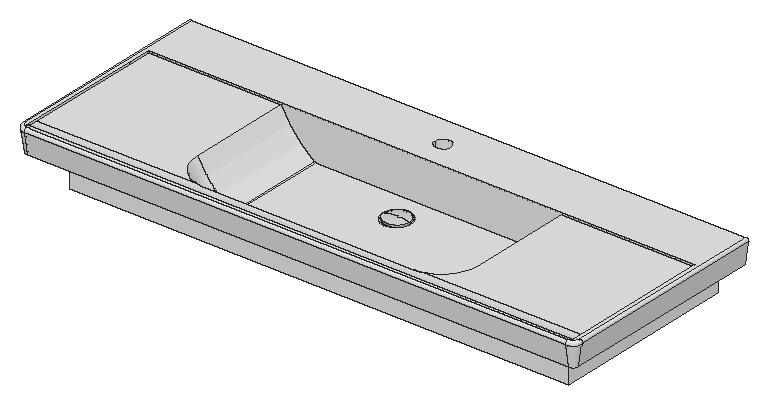
Revit family "Sink-Vanity_Top-Lavatory-KOHLER-MODERN_LIFE-K-77842T_1", category Plumbing Fixtures, host Face, Revit 2017
Family settings
  Host = Face
  Round Connector Dimension = Use Diameter
  Part Type = Normal
  OmniClass Number = 23.31.13.00
  OmniClass Title = Sinks
  Cut with Voids When Loaded = No
  Shared = No
  Room Calculation Point = No
Parameters (values of type "Single Faucet Hole,0-White")
  _8 = Type = 2  # no
  _1 = Type = 1  # yes
  Width = 48 59/256"  # constant formula
  WaterSense Certified = 1 = 0  # no
  Waste Water Outlet = "Waste Water Outlet"  # constant formula
  Waste Connection = 1 = 1  # yes
  Vent Connection = 1 = 0  # no
  URL = "https://www.kohler.com.cn/"
  Type = 1
  Product Page URL = "https://www.kohler.com.cn/product/K-77842T-1-0/K-77842T-1-0/"
  Product Name = "Modern_Life"  # constant formula
  Product Documentation Link = "https://files.kohler.com.cn/pdfs/1521532322896_K-77838T_77842T_sms.pdf"
  Model = if(Type = 1, "K-77842T-1-0", if(Type = 2, "K-77842T-8-0", "NA"))  # "K-77842T-1-0"
  Material = "Fireclay"  # constant formula
  Master Format 2014 Name = "Residential Lavatories and Sinks"  # constant formula
  Master Format 2014 = "22 41 16"  # constant formula
  Manufacturer Address = "Kohler Beijing Office (100016) 36-2-03-B, No. 88, Liuxiang Road, Beijing"  # constant formula
  Manufacturer = "KOHLER Co."  # constant formula
  Length = 18 179/256"  # constant formula
  Hot Water Inlet = "Hot Water Inlet"  # constant formula
  Height = 7 73/256"  # constant formula
  HW Connection = 1 = 0  # no
  Finish = KOHLER-Fireclay-0-White
  Environmental Product Declaration = ""
  Drain Included = 1 = 0  # no
  Dist 1 = if(_1, 0", 8 1/32")  # 0"
  Description = "Minglai 1200mm Integrated Basin"  # constant formula
  Default Elevation = 36"
  Declare Label = ""
  Date Modified = "06/30/2021"  # constant formula
  Date Created = "06/30/2021"  # constant formula
  Copyright = "Copyright KOHLER Co."  # constant formula
  Contact Us = "http://www.kohler.com.cn/contact/contact-us/"
  Cold Water Inlet = "Cold Water Inlet"  # constant formula
  CW Connection = 1 = 0  # no
  Assembly Code = "D2010400"
  ADA Compliant = 1 = 0  # no
Types (3): name | _8 | _1 | Type | Product Page URL | Model | Dist 1
  (no name) | no | yes | 1 | "https://www.kohler.com.cn/product/K-77842T-1-0/K-77842T-1-0/" | "K-77842T-1-0" | 0"
  Single Faucet Hole,0-White | no | yes | 1 | "https://www.kohler.com.cn/product/K-77842T-1-0/K-77842T-1-0/" | "K-77842T-1-0" | 0"
  8 inch Faucet Hole,0-White | yes | no | 2 | "https://www.kohler.com.cn/product/K-77842T-8-0/K-77842T-8-0/" | "K-77842T-8-0" | 8 1/32"
Reference planes (in)
  plane 1 "Center (Front/Back)": y = 0
  plane 2: z = 0
  plane 3 "Center (Left/Right)": x = 0
  plane 4: y = 9.04074
  plane 5: y = -9.65848
  plane 6: x = 24.11535
  plane 7: x = -24.11512
  plane 8: y = 6.28483
  plane 9: z = 2.127
  plane 10: z = -5.15815
  plane 11: y = 1.3242
  plane 12: x = 0
  plane 13: x = 0
  plane 14: z = 0
  plane 15: y = 3.96712
  plane 16: z = -2.99535
Forms (in)
  Extrusion 1, void
    sketch origin (0, 0, 0) x (1, 0, 0) y (0, 1, 0)
      loop
        line (21.53473, 9.04074) -> (-21.53473, 9.04074) -> (-21.53473, -8.66624) -> (21.53473, -8.66624) -> (21.53473, 9.04074)
    from -5.15814 to 0
Dimensions and locks (in)
  plane 4 to plane 8 = 2.75591"
  plane 11 to plane 8 = 4.96063"
  equal spacing: plane 12, plane 3 "Center (Left/Right)", plane 13
  "Dist 1": plane 12 to plane 13
  "Height": plane 9 to plane 10
  plane 9 to plane 2 = 2.127"
  "Width": plane 7 to plane 6
  "Length": plane 4 to plane 5
  aligned and locked: plane 2 to host face
  aligned and locked: level to host face
Automatic sketch dimensions
  host sketch curve to host sketch curve = 96"  (x2)
  Extrusion 1 sketch curve to plane 4 = 0"
  plane 7 to Extrusion 1 sketch curve = 2.58038"
  plane 6 to Extrusion 1 sketch curve = 2.58062"
  plane 5 to Extrusion 1 sketch curve = 0.99224"
Nested families (in)
  nested 1: "K-77842T" at (0, 0, -2.99533), type "K-77842T"
Connectors (in)
  piping at (0, 1.3242, -5.15814), diameter 1.77165, driven by "Waste Connection", driven by "Waste Water Outlet"
    settings: on nested 1, index 1, connector inside diameter 24", connector length 0", flow factor 0, pipe flow 0 GPM, pressure drop 0.00 psi, fitting loss kfactor 0, connector angle 0.00°, fixture units 0, engagement length 0", angle of deflection 0.00°, flow configuration 0, flow direction 1, fitting loss method 0, system type 16, joint type 0, gender type 0, connector reference index -1, connector utility 1, adjustable connector no, is connector primary yes, connector description "Waste Water Outlet"
Definition of nested family "K-77842T"
  Parameters (values of type "K-77842T")
    _8 = yes
    _1 = no
    Material = none
    Dist = if(_1, 51.1811", 8.0315")  # 8.0315"
  Reference planes (in)
    plane 1 "Center (Front/Back)": y = 0
    plane 2: z = 0
    plane 3 "Center (Left/Right)": x = 0
    plane 4: x = -24.11535
    plane 5: x = 24.11535
    plane 6: y = -9.66005
    plane 7: y = 3.96712
    plane 8: y = 9.04074
    plane 9: y = 6.28483
    plane 10 "A": y = 1.3242
    plane 11: z = 2.99533
    plane 12: z = 5.12233
    plane 13: z = -2.1628
    plane 14: x = -4.01575
    plane 15: x = 4.01575
  Forms (in)
    Sweep 1, solid, material <- "Material", detail levels medium+fine
      path origin (0, 0, 0) x (1, 0, 0) y (0, 1, 0)
        loop
          line (24.12872, 9.04074) -> (24.12872, -8.84967)
          arc (24.12872, -8.84967) -> (23.8981, -9.40645) -> (23.34132, -9.63708) r 0.7874
          line (23.34132, -9.63708) -> (-23.34132, -9.63708)
          arc (-23.34132, -9.63708) -> (-23.8981, -9.40645) -> (-24.12872, -8.84967) r 0.7874
          line (-24.12872, -8.84967) -> (-24.12872, 9.04074)
      profile origin (0, -9.63708, 0) x (0, -1, 0) y (0, 0, 1)
        loop
          line (-0.33083, 2.99533) -> (-0.00752, 4.82892)
          arc (-0.00752, 4.82892) -> (-0.06221, 5.03303) -> (-0.25372, 5.12233) r 0.25
          line (-0.25372, 5.12233) -> (-0.57703, 5.12233) -> (-0.57703, 2.99533) -> (-0.33083, 2.99533)
    Sweep 2, solid, material <- "Material", detail levels medium+fine
      path origin (0, 0, 0) x (1, 0, 0) y (0, 1, 0)
        loop
          line (-12.10955, 3.96712) -> (-12.10955, -5.02909)
          arc (-12.10955, -5.02909) -> (-11.18705, -7.2562) -> (-8.95994, -8.1787) r 3.14961
          line (-8.95994, -8.1787) -> (8.95994, -8.1787)
          arc (8.95994, -8.1787) -> (11.18705, -7.2562) -> (12.10955, -5.02909) r 3.14961
          line (12.10955, -5.02909) -> (12.10955, 3.96712)
      profile origin (0, -8.1787, 0) x (0, 1, 0) y (0, 0, 1)
        loop
          arc (2.84282, 1.5831) -> (1.15911, 3.16605) -> (-0.07115, 5.12233) r 9.09267
          line (-0.07115, 5.12233) -> (-0.43854, 5.12233) -> (-0.43854, 4.38589)
          arc (-0.43854, 4.38589) -> (-0.02285, 4.04635) -> (0.31945, 3.63293) r 2.76657
          arc (0.31945, 3.63293) -> (1.32565, 2.38601) -> (2.52736, 1.32621) r 9.48637
          arc (2.52736, 1.32621) -> (2.67584, 1.24917) -> (2.84099, 1.22259) r 0.52646
          line (2.84099, 1.22259) -> (3.09484, 1.22259) -> (3.09484, 1.54111) -> (2.97229, 1.54111)
          arc (2.97229, 1.54111) -> (2.90423, 1.55187) -> (2.84282, 1.5831) r 0.22062
    Extrusion 3, solid, material <- "Material", detail levels medium+fine
      sketch origin (0, 0, 0) x (1, 0, 0) y (0, 0, 1)
        loop
          line (23.79789, 2.99533) -> (24.1212, 4.82892)
          arc (24.1212, 4.82892) -> (24.06651, 5.03303) -> (23.875, 5.12233) r 0.25
          line (23.875, 5.12233) -> (-23.875, 5.12233)
          arc (-23.875, 5.12233) -> (-24.06651, 5.03303) -> (-24.1212, 4.82892) r 0.25
          line (-24.1212, 4.82892) -> (-23.79789, 2.99533) -> (23.79789, 2.99533)
      from -9.04074 to -8.92263
    Extrusion 4, solid, material <- "Material", detail levels medium+fine
      sketch origin (0, 0, 0) x (1, 0, 0) y (0, 1, 0)
        loop
          line (23.55169, 9.04074) -> (-23.55169, 9.04074) -> (-23.55169, -8.84967)
          arc (-23.55169, -8.84967) -> (-23.49007, -8.99843) -> (-23.34132, -9.06004) r 0.21037
          line (-23.34132, -9.06004) -> (23.34132, -9.06004)
          arc (23.34132, -9.06004) -> (23.49007, -8.99843) -> (23.55169, -8.84967) r 0.21037
          line (23.55169, -8.84967) -> (23.55169, 9.04074)
        loop
          line (-12.54809, 4.2875) -> (-12.54809, -5.02909)
          arc (-12.54809, -5.02909) -> (-11.49714, -7.56629) -> (-8.95994, -8.61724) r 3.58815
          line (-8.95994, -8.61724) -> (8.95994, -8.61724)
          arc (8.95994, -8.61724) -> (11.49714, -7.56629) -> (12.54809, -5.02909) r 3.58815
          line (12.54809, -5.02909) -> (12.54809, 4.2875) -> (-12.54809, 4.2875)
      from 4.38589 to 5.12233
    Extrusion 5, solid, material <- "Material", detail levels medium+fine
      sketch origin (0, 0, 0) x (1, 0, 0) y (0, 1, 0)
        loop
          line (-9.01471, -5.08386) -> (9.01471, -5.08386) -> (9.01471, 4.2875) -> (-9.01471, 4.2875) -> (-9.01471, -5.08386)
      from 1.22259 to 1.54111
    Extrusion 6, void
      sketch origin (0, 0, 0.27682) x (0, 1, 0) y (0, 0, 1)
        loop
          line (3.96712, 4.69505) -> (3.96712, 5.46682) -> (-10.49545, 5.46682)
          arc (-10.49545, 5.46682) -> (-9.32382, 4.89252) -> (-8.03403, 4.69505) r 4.311
          line (-8.03403, 4.69505) -> (3.96712, 4.69505)
      from -23.55169 to 23.55169
    Extrusion 7, solid, material <- "Material", detail levels medium+fine
      sketch origin (0, 0, 0) x (1, 0, 0) y (0, 1, 0)
        loop
          line (21.53473, -7.04124) -> (21.53473, 9.04074) -> (-21.53473, 9.04074) -> (-21.53473, -7.04124) -> (21.53473, -7.04124)
        loop
          line (-20.31051, 8.30741) -> (-20.31051, -5.81701) -> (-11.36325, -5.81701) -> (-11.36325, 8.30741) -> (-20.31051, 8.30741)
        loop
          line (10.2903, -5.81701) -> (10.2903, 8.30741) -> (-10.2903, 8.30741) -> (-10.2903, -5.81701) -> (10.2903, -5.81701)
        loop
          line (11.36325, -5.81701) -> (20.31051, -5.81701) -> (20.31051, 8.30741) -> (11.36325, 8.30741) -> (11.36325, -5.81701)
      from 0 to 3.93701
    Extrusion 8, void
      sketch origin (0, 0, 0) x (0, 1, 0) y (0, 0, 1)
        loop
          line (-5.68173, 1.65783) -> (4.07776, 1.65783) -> (4.07776, 3.94931) -> (-7.16445, 3.94931) -> (-7.16445, 3.14055) -> (-5.68173, 1.65783)
      from -11.47319 to 11.60535
    Revolve 9, solid
      sketch origin (0, 1.3242, -0.02461) x (-1, 0, 0) y (0, 0, 1)
        loop
          line (0, 1.12558) -> (0.59055, 1.12558) -> (0.59055, 1.59001) -> (1.08141, 1.59001)
          arc (1.08141, 1.59001) -> (1.12791, 1.63058) -> (1.09403, 1.68215) r 0.04693
          arc (1.09403, 1.68215) -> (0.55212, 1.79437) -> (0, 1.832) r 4.06853
          line (0, 1.832) -> (0, 1.12558)
        axis (0, 1.832) -> (0, 1.12558)
      angle from 0 to 360
    Extrusion 10, solid, material <- "Material", detail levels medium+fine
      sketch origin (0, 0, 0) x (1, 0, 0) y (0, 0, 1)
        loop
          arc (9.58218, 1.32621) -> (10.78389, 2.38601) -> (11.7901, 3.63293) r 9.48637
          arc (11.7901, 3.63293) -> (12.1324, 4.04635) -> (12.54809, 4.38589) r 2.76657
          line (12.54809, 4.38589) -> (12.54809, 5.12233) -> (-12.54809, 5.12233) -> (-12.54809, 4.38589)
          arc (-12.54809, 4.38589) -> (-12.1324, 4.04635) -> (-11.7901, 3.63293) r 2.76657
          arc (-11.7901, 3.63293) -> (-10.78389, 2.38601) -> (-9.58218, 1.32621) r 9.48637
          arc (-9.58218, 1.32621) -> (-9.4337, 1.24917) -> (-9.26855, 1.22259) r 0.52646
          line (-9.26855, 1.22259) -> (9.26855, 1.22259)
          arc (9.26855, 1.22259) -> (9.4337, 1.24917) -> (9.58218, 1.32621) r 0.52646
      from -4.2875 to -3.96712
    Revolve 11, void
      sketch origin (0, 1.3242, 0) x (-1, 0, 0) y (0, 0, 1)
        loop
          line (0, 0.73188) -> (0, 1.54111) -> (-1.23138, 1.54111)
          arc (-1.23138, 1.54111) -> (-0.77825, 1.35342) -> (-0.59055, 0.90028) r 0.64083
          line (-0.59055, 0.90028) -> (-0.59055, 0.73188) -> (0, 0.73188)
        axis (0, 1.54111) -> (0, 0.73188)
      angle from 0 to 360
    Revolve 12, solid, material <- "Material", detail levels medium+fine
      sketch origin (0, 1.3242, 0) x (-1, 0, 0) y (0, 0, 1)
        loop
          line (0, -1.62147) -> (0.71528, -1.62147) -> (0.71528, -2.1628) -> (1.37795, -2.1628) -> (1.37795, -1.81832)
          arc (1.37795, -1.81832) -> (1.44491, -0.79364) -> (1.64465, 0.21362) r 7.87402
          line (1.64465, 0.21362) -> (1.91415, 1.22259) -> (0, 1.22259) -> (0, -1.62147)
        axis (0, 1.22259) -> (0, -2.1628)
      angle from 0 to 360
    Extrusion 13, void
      sketch origin (0, 0, 0) x (1, 0, 0) y (0, 1, 0)
        loop
          circle (0, 6.28483) r 0.68898
      from 2.42804 to 6.2053
    Extrusion 14, void
      sketch origin (0, 0, 0) x (1, 0, 0) y (0, 1, 0)
        loop
          circle (-4.01575, 6.28483) r 0.68898
        loop
          circle (4.01575, 6.28483) r 0.68898
      from 2.55671 to 6.28361
    Extrusion 15, solid, material <- "Material", detail levels coarse
      sketch origin (0, 0, 0) x (1, 0, 0) y (0, 1, 0)
        loop
          line (24.11535, 9.04074) -> (-24.11535, 9.04074) -> (-24.11535, -9.66005) -> (24.11535, -9.66005) -> (24.11535, 9.04074)
        loop
          line (12.09427, -8.16439) -> (12.09427, 3.96712) -> (-12.09427, 3.96712) -> (-12.09427, -8.16439) -> (12.09427, -8.16439)
      from 2.99533 to 5.12233
    Extrusion 16, solid, material <- "Material", detail levels coarse
      sketch origin (0, 0, 0) x (1, 0, 0) y (0, 1, 0)
        loop
          line (-12.09427, 3.96712) -> (-12.09427, -8.16439) -> (12.09427, -8.16439) -> (12.09427, 3.96712) -> (-12.09427, 3.96712)
        loop
          line (-17.99979, -8.55809) -> (17.99979, -8.55809) -> (17.99979, 7.51043) -> (-17.99979, 7.51043) -> (-17.99979, -8.55809)
      from 0 to 2.99533
    Revolve 17, solid, material <- "Material", detail levels coarse
      sketch origin (0, 1.3242, 0) x (-1, 0, 0) y (0, 0, 1)
        loop
          line (0, -2.1628) -> (1.37795, -2.1628) -> (1.37795, 0) -> (0, 0) -> (0, -2.1628)
        axis (0, -2.1628) -> (0, 0)
      angle from 0 to 360
    Extrusion 18, solid, material <- "Material", detail levels coarse
      sketch origin (0, 0, 0) x (1, 0, 0) y (0, 1, 0)
        loop
          line (12.09427, 3.96712) -> (-12.09427, 3.96712) -> (-12.09427, -8.16439) -> (12.09427, -8.16439) -> (12.09427, 3.96712)
      from 0 to 0.3937
  Cuts and joins
    Extrusion 6, Revolve 11, Extrusion 13, Extrusion 14 cuts Sweep 1
    Extrusion 6, Revolve 11, Extrusion 13, Extrusion 14 cuts Sweep 2
    Extrusion 6, Revolve 11, Extrusion 13, Extrusion 14 cuts Extrusion 3
    Extrusion 6, Revolve 11, Extrusion 13, Extrusion 14 cuts Extrusion 4
    Extrusion 6, Revolve 11, Extrusion 13, Extrusion 14 cuts Extrusion 5
    Revolve 11, Extrusion 13, Extrusion 14 cuts Extrusion 10
    joined: Sweep 1, Sweep 2, Extrusion 3, Extrusion 4, Extrusion 5, Extrusion 10
    Extrusion 8 cuts Extrusion 7
    joined: Extrusion 7, Revolve 12
    Extrusion 13, Extrusion 14 cuts Extrusion 15
    joined: Extrusion 15, Extrusion 16, Revolve 17, Extrusion 18
  Lines and regions (in)
    Masking region 1
      outline origin (0, 0, 0) x (1, 0, 0) y (0, 1, 0)
        loop
          line (-24.11535, 9.04074) -> (-24.11535, -8.84787)
          arc (-24.11535, -8.84787) -> (-23.87747, -9.42217) -> (-23.30317, -9.66005) r 0.81218
          line (-23.30317, -9.66005) -> (23.32795, -9.66005)
          arc (23.32795, -9.66005) -> (23.88473, -9.42942) -> (24.11535, -8.87265) r 0.7874
          line (24.11535, -8.87265) -> (24.11535, 9.04074) -> (-24.11535, 9.04074)
    Masking region 2
      outline origin (0, 1.3242, 0) x (-1, 0, 0) y (0, 0, 1)
        loop
          line (-21.53473, 0) -> (-1.59904, 0)
          arc (-1.59904, 0) -> (-1.4335, -0.77839) -> (-1.37795, -1.57225) r 5.701
          line (-1.37795, -1.57225) -> (-1.37795, -2.1628) -> (1.37795, -2.1628) -> (1.37795, -1.57225)
          arc (1.37795, -1.57225) -> (1.4335, -0.77839) -> (1.59904, 0) r 5.701
          line (1.59904, 0) -> (21.53473, 0) -> (21.53473, 2.99533) -> (23.79789, 2.99533) -> (24.1212, 4.82892)
          arc (24.1212, 4.82892) -> (24.06651, 5.03303) -> (23.875, 5.12233) r 0.25
          line (23.875, 5.12233) -> (-23.875, 5.12233)
          arc (-23.875, 5.12233) -> (-24.06651, 5.03303) -> (-24.1212, 4.82892) r 0.25
          line (-24.1212, 4.82892) -> (-23.79789, 2.99533) -> (-21.53473, 2.99533) -> (-21.53473, 0)
    Masking region 3
      outline origin (0, 0, 0) x (0, 1, 0) y (0, 0, 1)
        loop
          line (9.04074, 5.12233) -> (-9.27336, 5.12233)
          arc (-9.27336, 5.12233) -> (-9.54409, 5.04643) -> (-9.63055, 4.77889) r 0.29736
          line (-9.63055, 4.77889) -> (-9.30624, 2.99533) -> (-7.04124, 2.99533) -> (-7.04124, 0) -> (-0.29164, 0)
          arc (-0.29164, 0) -> (-0.11356, -0.77718) -> (-0.05375, -1.57225) r 5.31457
          line (-0.05375, -1.57225) -> (-0.05375, -2.1628) -> (2.70216, -2.1628) -> (2.70216, -1.57225)
          arc (2.70216, -1.57225) -> (2.76197, -0.77718) -> (2.94005, 0) r 5.31457
          line (2.94005, 0) -> (9.04074, 0) -> (9.04074, 5.12233)
    symbolic lines, detail levels medium+fine
      curve 1: line (23.50171, -9.27093, 0) -> (-23.68418, -9.27093, 0)
      curve 3: line (23.89542, -8.87723, 0) -> (23.89542, 3.96712, 0)
      curve 4: arc (23.50171, -9.27093, 0) -> (23.7801, -9.15562, 0) -> (23.89542, -8.87723, 0) r 0.3937
      curve 5: line (-23.89542, -8.87723, 0) -> (-23.89542, 3.96712, 0)
      curve 6: arc (-23.50171, -9.27093, 0) -> (-23.7801, -9.15562, 0) -> (-23.89542, -8.87723, 0) r 0.3937
      curve 12: line (-21.53473, 1.3242, 2.99533) -> (21.53473, 1.3242, 2.99533)
      curve 13: line (-1.59904, 1.3242, 0) -> (1.59904, 1.3242, 0)
      curve 14: line (0, -7.04124, 2.99533) -> (0, 9.04074, 2.99533)
      curve 15: line (0, 2.94005, 0) -> (0, -0.29164, 0)
      curve 16: circle (0, 1.3242, 0) r 0.6818 normal (0, 0, 1)
      curve 25: line (-8.94467, 3.96712, 0) -> (-23.89542, 3.96712, 0)
      curve 26: line (8.94467, 3.96712, 0) -> (23.89542, 3.96712, 0)
    symbolic lines
      curve 2: line (8.94467, 3.96712, 0) -> (-8.94467, 3.96712, 0)
      curve 7: circle (0, 6.28483, 0) r 0.68898 normal (0, 0, 1)
      curve 17: circle (0, 1.3242, 0) r 1.1811 normal (0, 0, 1)
      curve 18: line (-8.94467, -8.16439, 0) -> (8.94467, -8.16439, 0)
      curve 19: line (12.09427, -5.01478, 0) -> (12.09427, 0.81752, 0)
      curve 20: line (-12.09427, -5.01478, 0) -> (-12.09427, 0.81752, 0)
      curve 21: arc (-12.09427, -5.01478, 0) -> (-11.17178, -7.24189, 0) -> (-8.94467, -8.16439, 0) r 3.14961
      curve 22: arc (8.94467, -8.16439, 0) -> (11.17178, -7.24189, 0) -> (12.09427, -5.01478, 0) r 3.14961
      curve 23: arc (-12.09427, 0.81752, 0) -> (-11.17178, 3.04463, 0) -> (-8.94467, 3.96712, 0) r 3.14961
      curve 24: arc (8.94467, 3.96712, 0) -> (11.17178, 3.04463, 0) -> (12.09427, 0.81752, 0) r 3.14961
    symbolic lines, visible <- "_8"
      curve 8: arc (3.32677, 6.28483, 0) -> (4.01575, 5.59586, 0) -> (4.70472, 6.28483, 0) r 0.68898
      curve 9: arc (4.70472, 6.28483, 0) -> (4.01575, 6.97381, 0) -> (3.32677, 6.28483, 0) r 0.68898
      curve 10: arc (-4.70472, 6.28483, 0) -> (-4.01575, 5.59586, 0) -> (-3.32677, 6.28483, 0) r 0.68898
      curve 11: arc (-3.32677, 6.28483, 0) -> (-4.01575, 6.97381, 0) -> (-4.70472, 6.28483, 0) r 0.68898
  Dimensions and locks (in)
    plane 4 to plane 5 = 48.2307"
    plane 6 to plane 8 = 18.70079"
    plane 9 to plane 8 = 2.75591"
    plane 10 "A" to plane 9 = 4.96063"
    cut or joined group 1 (Sweep 1, Sweep 2, Extrusion 3, Extrusion 4, Extrusion 5, Extrusion 6, Extrusion 10, Revolve 11, Extrusion 13, Extrusion 14) to Revolve 12 sketch curve = 7 73/256"
    plane 7 to plane 8 = 5.07362"
    plane 12 to plane 11 = 2.127"
    equal spacing: plane 14, plane 3 "Center (Left/Right)", plane 15
    "Dist": plane 14 to plane 15
    aligned and locked: plane 2 to level
    aligned and locked: plane 14 to Extrusion 14 sketch curve
    aligned and locked: plane 15 to Extrusion 14 sketch curve
    aligned and locked: curve 8 to cut or joined group 1
    aligned and locked: curve 9 to cut or joined group 1
    aligned and locked: curve 10 to cut or joined group 1
    aligned and locked: curve 11 to cut or joined group 1
  Automatic sketch dimensions
    plane 8 to Sweep 1 sketch curve = 0"  (x2)
    plane 4 to Sweep 1 sketch curve = 0.01337"
    Sweep 1 sketch curve to plane 6 = 0.02297"
    Sweep 1 sketch curve to plane 4 = 0.77403"
    Sweep 1 sketch curve to plane 5 = 0.77403"
    plane 5 to Sweep 1 sketch curve = 0.01337"
    profile plane to Sweep 1 sketch curve = 0.57703"
    Sweep 1 sketch curve to Sweep 1 sketch curve = 0.2462"
    profile plane to Sweep 1 sketch curve = 0.25372"
    profile plane to Sweep 1 sketch curve = 0.00752"
    level to Sweep 1 sketch curve = 2.99533"
    Sweep 1 sketch curve to Sweep 1 sketch curve = 1.83359"
    Sweep 1 sketch curve to Sweep 1 sketch curve = 0.04341"
    plane 7 to Sweep 2 sketch curve = 0"  (x2)
    Sweep 2 sketch curve to plane 4 = 12.00581"
    Sweep 2 sketch curve to plane 6 = 1.48135"
    Sweep 2 sketch curve to Sweep 2 sketch curve = 3.14961"  (x2)
    plane 3 "Center (Left/Right)" to Sweep 2 sketch curve = 8.95994"
    Sweep 2 sketch curve to Sweep 2 sketch curve = 0"  (x3)
    profile plane to Sweep 2 sketch curve = 1.97259"
    profile plane to Sweep 2 sketch curve = 0.43854"
    profile plane to Sweep 2 sketch curve = 0.07115"
    Sweep 2 sketch curve to profile plane = 2.84099"
    Sweep 2 sketch curve to Sweep 2 sketch curve = 0.1313"
    Sweep 2 sketch curve to Sweep 2 sketch curve = 0.12255"
    Sweep 2 sketch curve to profile plane = 8.1787"
    level to Sweep 2 sketch curve = 1.22259"
    Sweep 2 sketch curve to Sweep 2 sketch curve = 0.31852"
    Sweep 2 sketch curve to Sweep 2 sketch curve = 0.20794"
    Sweep 2 sketch curve to Sweep 2 sketch curve = 0.01268"
    level to Sweep 2 sketch curve = 2.08359"
    Sweep 2 sketch curve to Sweep 2 sketch curve = 2.3023"
    Sweep 2 sketch curve to Sweep 2 sketch curve = 0.73644"
    Sweep 2 sketch curve to Sweep 2 sketch curve = 7.18376"
    Extrusion 3 sketch curve to plane 12 = 0"
    Extrusion 3 sketch curve to plane 11 = 0"
    plane 4 to Extrusion 3 sketch curve = 0.00585"
    Extrusion 3 sketch curve to plane 4 = 0.24035"
    Extrusion 3 sketch curve to plane 4 = 0.31746"
    Extrusion 3 sketch curve to plane 5 = 0.31746"
    Extrusion 3 sketch curve to plane 5 = 0.24035"
    plane 5 to Extrusion 3 sketch curve = 0.00585"
    Extrusion 3 sketch curve to plane 12 = 0.29341"  (x2)
    plane 8 to Extrusion 4 sketch curve = 0"
    Extrusion 4 sketch curve to plane 4 = 0.56366"
    Extrusion 4 sketch curve to Extrusion 4 sketch curve = 0.21037"
    Extrusion 4 sketch curve to plane 6 = 4.63096"
    Extrusion 4 sketch curve to Extrusion 4 sketch curve = 10.79323"
    Extrusion 4 sketch curve to Extrusion 4 sketch curve = 3.58815"  (x2)
    plane 3 "Center (Left/Right)" to Extrusion 4 sketch curve = 8.95994"
    Extrusion 4 sketch curve to plane 7 = 0.32038"
    Extrusion 4 sketch curve to plane 5 = 0.77403"
    Extrusion 4 sketch curve to plane 5 = 0.56366"
    Extrusion 4 sketch curve to plane 6 = 0.81037"
    Extrusion 5 sketch curve to plane 7 = 0.32038"
    Extrusion 5 sketch curve to plane 3 "Center (Left/Right)" = 9.01471"
    plane 3 "Center (Left/Right)" to Extrusion 5 sketch curve = 9.01471"
    Extrusion 5 sketch curve to plane 6 = 4.57619"
    Extrusion 6 sketch curve to plane 7 = 0"
    Extrusion 6 sketch curve to plane 12 = 0.15046"
    Extrusion 6 sketch curve to plane 6 = 1.62601"
    plane 12 to Extrusion 6 sketch curve = 0.62131"
    plane 6 to Extrusion 6 sketch curve = 0.8354"
    plane 8 to Extrusion 7 sketch curve = 0"
    Extrusion 7 sketch curve to plane 4 = 2.58062"
    Extrusion 7 sketch curve to Extrusion 7 sketch curve = 1.22423"  (x3)
    plane 8 to Extrusion 7 sketch curve = 0.73333"  (x3)
    Extrusion 7 sketch curve to Extrusion 7 sketch curve = 8.94726"
    Extrusion 7 sketch curve to Extrusion 7 sketch curve = 1.07295"  (x2)
    plane 3 "Center (Left/Right)" to Extrusion 7 sketch curve = 10.2903"
    Extrusion 7 sketch curve to plane 5 = 3.80484"
    Extrusion 7 sketch curve to plane 6 = 3.84303"  (x2)
    Extrusion 7 sketch curve to Extrusion 7 sketch curve = 0"
    plane 11 to Extrusion 8 sketch curve = 0.14521"
    Extrusion 8 sketch curve to plane 6 = 2.49559"
    Extrusion 8 sketch curve to Extrusion 8 sketch curve = 1.48272"
    Extrusion 8 sketch curve to plane 7 = 0.11064"
    Extrusion 8 sketch curve to plane 11 = 1.3375"
    Extrusion 8 sketch curve to Extrusion 8 sketch curve = 0.80876"
    Revolve 9 sketch curve to plane 3 "Center (Left/Right)" = 0"  (x2)
    Revolve 9 sketch curve to plane 3 "Center (Left/Right)" = 0.59055"
    Revolve 9 sketch curve to Revolve 9 sketch curve = 0.49086"
    Revolve 9 sketch curve to plane 13 = 0.09833"
    level to Revolve 9 sketch curve = 1.10098"
    Revolve 9 sketch curve to Revolve 9 sketch curve = 0.46443"
    Revolve 9 sketch curve to Revolve 9 sketch curve = 0.04693"
    Revolve 9 sketch curve to Revolve 9 sketch curve = 0.24199"
    Revolve 9 sketch curve to Revolve 9 sketch curve = 0.12232"
    Revolve 9 sketch curve to Revolve 9 sketch curve = 0"
    Extrusion 10 sketch curve to plane 12 = 0"
    Extrusion 10 sketch curve to plane 11 = 0.91174"  (x2)
    Extrusion 10 sketch curve to plane 4 = 10.03321"
    Extrusion 10 sketch curve to Extrusion 10 sketch curve = 1.53405"  (x2)
    Extrusion 10 sketch curve to plane 11 = 1.24627"  (x2)
    Extrusion 10 sketch curve to Extrusion 10 sketch curve = 3.27954"  (x2)
    Extrusion 10 sketch curve to plane 3 "Center (Left/Right)" = 3.93085"
    plane 3 "Center (Left/Right)" to Extrusion 10 sketch curve = 3.93085"
    Extrusion 10 sketch curve to Extrusion 10 sketch curve = 5.3377"
    Extrusion 10 sketch curve to Extrusion 10 sketch curve = 0.52646"
    Extrusion 10 sketch curve to Extrusion 10 sketch curve = 0.73644"
    Extrusion 10 sketch curve to plane 12 = 0.73644"
    plane 12 to Extrusion 10 sketch curve = 3.82317"  (x2)
    Extrusion 10 sketch curve to Extrusion 10 sketch curve = 0"  (x2)
    Revolve 11 sketch curve to plane 3 "Center (Left/Right)" = 0"  (x2)
    plane 3 "Center (Left/Right)" to Revolve 11 sketch curve = 0.59055"
    Revolve 11 sketch curve to Revolve 11 sketch curve = 0.64083"
    level to Revolve 11 sketch curve = 0.73188"
    Revolve 11 sketch curve to Revolve 11 sketch curve = 0.1684"
    Revolve 11 sketch curve to Revolve 11 sketch curve = 0"
    Revolve 11 sketch curve to Revolve 11 sketch curve = 0.28591"
    Revolve 12 sketch curve to plane 3 "Center (Left/Right)" = 0"  (x2)
    Revolve 12 sketch curve to plane 13 = 0"
    Revolve 12 sketch curve to Revolve 12 sketch curve = 0.71528"
    Revolve 12 sketch curve to Revolve 12 sketch curve = 0.66267"
    level to Revolve 12 sketch curve = 0.21362"
    Revolve 12 sketch curve to plane 3 "Center (Left/Right)" = 1.64465"
    Revolve 12 sketch curve to Revolve 12 sketch curve = 0.2695"
    plane 13 to Revolve 12 sketch curve = 0.34448"
    Revolve 12 sketch curve to Revolve 12 sketch curve = 0.54134"
    level to Revolve 12 sketch curve = 1.22259"
    Revolve 12 sketch curve to plane 13 = 0.59055"
    Extrusion 13 sketch curve to plane 3 "Center (Left/Right)" = 0"
    Extrusion 13 sketch curve to plane 9 = 0"
    Masking region 1 sketch curve to plane 4 = 0"
    plane 6 to Masking region 1 sketch curve = 0"
    Masking region 1 sketch curve to plane 5 = 0"
    plane 8 to Masking region 1 sketch curve = 0"
    Masking region 1 sketch curve to Masking region 1 sketch curve = 0.81218"
    Masking region 1 sketch curve to Masking region 1 sketch curve = 0.7874"
    Masking region 2 sketch curve to plane 12 = 0"
    Masking region 2 sketch curve to plane 13 = 0"
    plane 5 to Masking region 2 sketch curve = 0.00585"
    Masking region 2 sketch curve to plane 5 = 0.24035"
    Masking region 2 sketch curve to plane 5 = 0.31746"
    Masking region 2 sketch curve to plane 5 = 2.58062"
    plane 13 to Masking region 2 sketch curve = 0.59055"  (x2)
    plane 3 "Center (Left/Right)" to Masking region 2 sketch curve = 1.37795"
    Masking region 2 sketch curve to plane 3 "Center (Left/Right)" = 1.37795"
    Masking region 2 sketch curve to Masking region 2 sketch curve = 5.701"
    Masking region 2 sketch curve to plane 4 = 2.58062"
    Masking region 2 sketch curve to plane 4 = 0.31746"
    Masking region 2 sketch curve to plane 4 = 0.24035"
    plane 4 to Masking region 2 sketch curve = 0.00585"
    Masking region 2 sketch curve to plane 12 = 0.29341"  (x2)
    plane 11 to Masking region 2 sketch curve = 0"
    plane 3 "Center (Left/Right)" to Masking region 2 sketch curve = 1.59904"
    Masking region 2 sketch curve to level = 0"  (x2)
    Masking region 2 sketch curve to plane 11 = 0"
    curve 12 to plane 11 = 0"
    curve 13 to level = 0"
    curve 12 to plane 5 = 2.58062"
    plane 3 "Center (Left/Right)" to curve 13 = 1.59904"
    curve 13 to plane 3 "Center (Left/Right)" = 1.59904"
    curve 12 to plane 4 = 2.58062"
    plane 11 to curve 14 = 0"
    curve 15 to level = 0"
    curve 14 to plane 8 = 0"
    plane 7 to curve 15 = 1.02708"
    plane 1 "Center (Front/Back)" to curve 15 = 0.29164"
    curve 14 to plane 6 = 2.61881"
    curve 16 to curve 17 = 0"  (x2)
    plane 7 to curve 25 = 0"
    curve 17 to plane 3 "Center (Left/Right)" = 0"
    curve 7 to plane 3 "Center (Left/Right)" = 0"
    curve 16 to plane 10 "A" = 0"
    curve 7 to plane 9 = 0"
    curve 25 to plane 4 = 0.21994"
    curve 5 to curve 6 = 0.3937"
    curve 20 to plane 10 "A" = 0.50669"
    curve 20 to plane 4 = 12.02108"
    curve 18 to plane 6 = 1.49566"
    curve 21 to curve 18 = 3.14961"
    plane 3 "Center (Left/Right)" to curve 2 = 8.94467"
    plane 3 "Center (Left/Right)" to curve 18 = 8.94467"
    curve 22 to curve 19 = 3.14961"
    curve 1 to plane 6 = 0.38912"
    curve 1 to plane 5 = 0.61364"
    curve 3 to plane 5 = 0.21994"
    curve 1 to curve 6 = 0.18246"
    Masking region 3 sketch curve to plane 11 = 0"
    Masking region 3 sketch curve to plane 12 = 0"
    Masking region 3 sketch curve to level = 0"  (x2)
    Masking region 3 sketch curve to plane 13 = 0"
    Masking region 3 sketch curve to plane 8 = 0"
    plane 8 to Masking region 3 sketch curve = 1.02401"
    plane 7 to Masking region 3 sketch curve = 1.02708"
    Masking region 3 sketch curve to Masking region 3 sketch curve = 0.23789"
    plane 1 "Center (Front/Back)" to Masking region 3 sketch curve = 0.05375"
    plane 1 "Center (Front/Back)" to Masking region 3 sketch curve = 0.29164"
    plane 13 to Masking region 3 sketch curve = 0.59055"
    Masking region 3 sketch curve to Masking region 3 sketch curve = 1.67292"
    Masking region 3 sketch curve to plane 6 = 0.3538"
    Masking region 3 sketch curve to plane 6 = 0.32206"
    Masking region 3 sketch curve to plane 6 = 0.0295"
    Masking region 3 sketch curve to plane 12 = 0.34345"
    Masking region 3 sketch curve to plane 12 = 0.29025"
    Extrusion 15 sketch curve to plane 5 = 0"
    plane 8 to Extrusion 15 sketch curve = 0"
    plane 6 to Extrusion 15 sketch curve = 0"
    plane 7 to Extrusion 15 sketch curve = 0"
    Extrusion 15 sketch curve to plane 6 = 1.49566"
    Extrusion 15 sketch curve to plane 4 = 12.02108"
    Extrusion 15 sketch curve to plane 5 = 12.02108"
    Extrusion 15 sketch curve to plane 4 = 0"
    plane 7 to Extrusion 16 sketch curve = 0"
    Extrusion 16 sketch curve to plane 4 = 12.02108"
    Extrusion 16 sketch curve to plane 5 = 12.02108"
    Extrusion 16 sketch curve to plane 6 = 1.49566"
    Revolve 17 sketch curve to plane 3 "Center (Left/Right)" = 0"  (x2)
    Revolve 17 sketch curve to plane 13 = 0"  (x2)
    Revolve 17 sketch curve to level = 0"
    Revolve 17 sketch curve to Revolve 17 sketch curve = 1.37795"
    plane 13 to Revolve 17 sketch curve = 0.98425"
    Extrusion 16 sketch curve to plane 7 = 3.54331"
    Extrusion 16 sketch curve to Extrusion 16 sketch curve = 0.3937"
    Extrusion 16 sketch curve to Extrusion 16 sketch curve = 5.90551"  (x2)
    plane 7 to Extrusion 18 sketch curve = 0"
    Extrusion 18 sketch curve to plane 4 = 12.02108"
    Extrusion 18 sketch curve to plane 6 = 1.49566"
    Extrusion 18 sketch curve to plane 5 = 12.02108"
    Extrusion 14 sketch curve to plane 9 = 0"  (x2)
    radius of Extrusion 13 sketch curve = 0.68898"
    radius of curve 7 = 0.68898"
    radius of curve 16 = 0.6818"
    radius of curve 17 = 1.1811"
    radius of Extrusion 14 sketch curve = 0.68898"  (x2)
